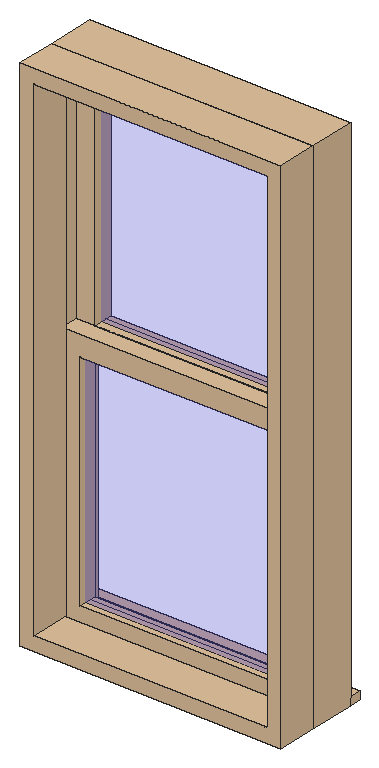
Revit family "PKNail Double Hung", category Windows, host Wall, Revit 2017
Family settings
  Host = Wall
  OmniClass Number = 23.30.20.17.17.14
  OmniClass Title = Double-Hung Windows
  Always vertical = Yes
  Cut with Voids When Loaded = No
  Shared = No
  Room Calculation Point = No
Parameters (values of type "600 x 1200mm")
  Visual Light Transmittance = 0.9
  Solar Heat Gain Coefficient = 0.78
  PKNail Family Lateral Orientation = "None"
  PKNail Family Facing Orientation = "Facing"
  PKNail Family = "Double Hung"
  Construction Type Id = "GSP4R"
  Heat Transfer Coefficient (U) = 3.6886 W/(m²·K)
  Glass Pane Material = Glass
  Height = 1200.00 mm
  Sash Material = Sash
  Default Sill Height = 915.00 mm
  Wall Closure = By host
  Width = 600.00 mm
  Window Inset = 19.00 mm
  Analytic Construction = "1/8 in Pilkington single glazing"
Reference planes
  plane 1: y = 0
  plane 2: z = 0
  plane 3 "Center": x = 0
  plane 4 "Left": x = -300
  plane 5 "Right": x = 300
  plane 6 "Sill": z = 915
  plane 7 "Top": z = 2115
  plane 8: y = 100
  plane 9: y = -100
  plane 10: y = 81
  plane 11: z = 1515
  plane 12: x = -268.25
  plane 13: x = 273.05
  plane 14: x = 268.25
  plane 15: z = 946.75
  plane 16 "Closure": y = 7.975
Forms (mm)
  Extrusion 1, solid, material "Sash" <- "Sash Material"
    sketch origin (0, 0, 0) x (1, 0, 0) y (0, 0, 1)
      loop
        line (-300, 2115) -> (-300, 915) -> (300, 915) -> (300, 2115) -> (-300, 2115)
      loop
        line (-280.95, 2095.95) -> (-280.95, 934.05) -> (280.95, 934.05) -> (280.95, 2095.95) -> (-280.95, 2095.95)
    from -100 to 7.9
  Extrusion 2, solid
    sketch origin (0, 0, 0) x (-1, 0, 0) y (0, 0, 1)
      loop
        line (-300, 2115) -> (-300, 915) -> (300, 915) -> (300, 2115) -> (-300, 2115)
      loop
        line (-268.25, 2083.25) -> (-268.25, 946.75) -> (268.25, 946.75) -> (268.25, 2083.25) -> (-268.25, 2083.25)
    from -7.9 to -100
  Extrusion 3, solid, material "Sash" <- "Sash Material"
    sketch origin (0, 0, 0) x (-1, 0, 0) y (0, 0, 1)
      loop
        line (-280.95, 2095.95) -> (-280.95, 1492.775) -> (280.95, 1492.775) -> (280.95, 2095.95) -> (-280.95, 2095.95)
      loop
        line (-236.5, 2051.5) -> (-236.5, 1537.225) -> (236.5, 1537.225) -> (236.5, 2051.5) -> (-236.5, 2051.5)
    from 36.55 to 81
  Extrusion 4, solid, material "Glass" <- "Glass Pane Material"
    sketch origin (-124.971, 0, -117.036) x (1, 0, 0) y (0, 0, 1)
      loop
        line (-111.529, 2168.536) -> (-111.529, 1654.261) -> (361.471, 1654.261) -> (361.471, 2168.536) -> (-111.529, 2168.536)
    from -65.125 to -52.425
  Extrusion 5, solid, material "Sash" <- "Sash Material"
    sketch origin (0, 0, 0) x (-1, 0, 0) y (0, 0, 1)
      loop
        line (-300, 934.05) -> (-300, 915) -> (300, 915) -> (300, 934.05) -> (-300, 934.05)
    from 100 to 125.4
  Extrusion 6, solid, material "Sash" <- "Sash Material"
    sketch origin (0, 0, 0) x (-1, 0, 0) y (0, 0, 1)
      loop
        line (-280.95, 1537.225) -> (-280.95, 934.05) -> (280.95, 934.05) -> (280.95, 1537.225) -> (-280.95, 1537.225)
      loop
        line (-236.5, 1492.775) -> (-236.5, 978.5) -> (236.5, 978.5) -> (236.5, 1492.775) -> (-236.5, 1492.775)
    from -7.9 to 36.55
  Extrusion 7, solid, material "Glass" <- "Glass Pane Material"
    sketch origin (0, 0, 0) x (-1, 0, 0) y (0, 0, 1)
      loop
        line (-236.5, 978.5) -> (236.5, 978.5) -> (236.5, 1492.775) -> (-236.5, 1492.775) -> (-236.5, 978.5)
    from 7.975 to 20.675
Lines and regions (mm)
  Opening 1
    outline origin (-1524, -100, 0) x (1, 0, 0) y (0, 0, 1)
      loop
        line (1224, 2115) -> (1224, 915) -> (1824, 915) -> (1824, 2115) -> (1224, 2115)
  symbolic lines, style "WindowsFrameMullionProjection"
    curve 1: line (-300, 100, 0) -> (-280.95, 100, 0)
    curve 2: line (-280.95, -7.9, 0) -> (-280.95, 100, 0)
    curve 3: line (-280.95, -7.9, 0) -> (-268.25, -7.9, 0)
    curve 4: line (-268.25, -100, 0) -> (-268.25, -7.9, 0)
    curve 5: line (300, 100, 0) -> (280.95, 100, 0)
    curve 6: line (268.25, -7.9, 0) -> (268.25, -100, 0)
    curve 7: line (268.25, -7.9, 0) -> (280.95, -7.9, 0)
    curve 8: line (280.95, -7.9, 0) -> (280.95, 100, 0)
    curve 9: line (-280.95, 36.55, 0) -> (-236.5, 36.55, 0)
    curve 10: line (-280.95, 36.55, 0) -> (-280.95, -7.9, 0)
    curve 11: line (-280.95, -7.9, 0) -> (-236.5, -7.9, 0)
    curve 12: line (-236.5, 36.55, 0) -> (-236.5, -7.9, 0)
    curve 13: line (280.95, 36.55, 0) -> (236.5, 36.55, 0)
    curve 14: line (280.95, 36.55, 0) -> (280.95, -7.9, 0)
    curve 15: line (280.95, -7.9, 0) -> (236.5, -7.9, 0)
    curve 16: line (236.5, 36.55, 0) -> (236.5, -7.9, 0)
    curve 18: line (-268.25, -100, 0) -> (-300, -100, 0)
    curve 19: line (268.25, -100, 0) -> (300, -100, 0)
  symbolic lines, style "WindowsGlassProjection"
    curve 17: line (-236.5, 14.325, 0) -> (236.5, 14.325, 0)
Text (mm)
  text "EXTERIOR" at (-1437.207, 1172.171, 0), in view "Floor Line"
  text "INTERIOR" at (-1490.695, -972.33, 0), in view "Floor Line"
  text "Exterior" at (0, 1108.87, 2360.591), in view "Left"
  text "Exterior" at (0, 464.664, 2711.443), in view "Right"
Dimensions and locks
  equal spacing: plane 4 "Left", plane 3 "Center", plane 5 "Right"
  "Width": plane 4 "Left" to plane 5 "Right"
  "Window Inset": plane 8 to plane 10
  locked: plane 10 to Extrusion 3 at 44.45
  locked: plane 10 to Extrusion 4 at 15.875
  locked: Extrusion 4 to Extrusion 4 at 12.7
  locked: Extrusion 5 sketch curve to Extrusion 1 at 19.05
  equal spacing: plane 6 "Sill", plane 11, plane 7 "Top"
  Extrusion 3 sketch curve to plane 11 to Extrusion 3 sketch curve = 22.225 mm locked, 22.225 mm locked
  locked: Extrusion 6 to Extrusion 3 at 88.9
  locked: Extrusion 6 to Extrusion 6 at 44.45
  locked: Extrusion 7 to Extrusion 6 at 15.875
  locked: Extrusion 7 to Extrusion 7 at 12.7
  locked: plane 4 "Left" to plane 12 at 31.75
  locked: plane 14 to plane 5 "Right" at 31.75
  locked: plane 15 to plane 6 "Sill" at 31.75
  "Height": plane 7 "Top" to plane 6 "Sill"
  "Default Sill Height": plane 6 "Sill" to plane 2
  locked: plane 8 to plane 16 "Closure" at 92.025
  locked: Extrusion 5 to plane 8 at 25.4
  aligned and locked: plane 7 "Top" to Opening 1 sketch curve
  aligned and locked: plane 6 "Sill" to Opening 1 sketch curve  (x2)
  aligned and locked: plane 5 "Right" to Opening 1 sketch curve
  aligned and locked: plane 4 "Left" to Opening 1 sketch curve
  aligned and locked: plane 9 to host wall
  aligned and locked: host wall to Extrusion 2
  aligned and locked: plane 10 to Extrusion 3
  aligned and locked: plane 8 to host wall
  aligned and locked: host wall to Extrusion 1
  aligned and locked: Extrusion 4 sketch curve to Extrusion 3  (x4)
  aligned and locked: curve 5 to Extrusion 1  (x2)
  aligned and locked: curve 6 to Extrusion 2
  aligned and locked: curve 4 to Extrusion 2
  aligned and locked: Extrusion 3 to curve 16
  aligned and locked: Extrusion 1 to curve 11
  aligned and locked: Extrusion 1 to curve 7
  aligned and locked: Extrusion 5 to host wall
  aligned and locked: Extrusion 1 to Extrusion 6 sketch curve
  aligned and locked: Extrusion 6 sketch curve to Extrusion 3
  aligned and locked: Extrusion 2 to Extrusion 6
  aligned and locked: Extrusion 1 to Extrusion 2
  aligned and locked: Extrusion 7 sketch curve to Extrusion 6  (x2)
  aligned and locked: Extrusion 3 to Extrusion 7 sketch curve
  aligned and locked: curve 9 to Extrusion 7 sketch curve
  aligned and locked: Extrusion 6 sketch curve to curve 1
Automatic sketch dimensions
  Extrusion 1 sketch curve to plane 4 "Left" = 0.00 mm
  Extrusion 1 sketch curve to plane 5 "Right" = 0.00 mm
  Extrusion 1 sketch curve to plane 4 "Left" = 19.05 mm
  plane 5 "Right" to Extrusion 1 sketch curve = 19.05 mm
  Extrusion 1 sketch curve to plane 6 "Sill" = 0.00 mm
  Extrusion 1 sketch curve to plane 7 "Top" = 0.00 mm
  Extrusion 1 sketch curve to plane 6 "Sill" = 19.05 mm
  plane 7 "Top" to Extrusion 1 sketch curve = 19.05 mm
  Extrusion 2 sketch curve to plane 5 "Right" = 0.00 mm
  Extrusion 2 sketch curve to plane 4 "Left" = 0.00 mm
  plane 5 "Right" to Extrusion 2 sketch curve = 31.75 mm
  Extrusion 2 sketch curve to plane 4 "Left" = 31.75 mm
  Extrusion 2 sketch curve to plane 6 "Sill" = 0.00 mm
  Extrusion 2 sketch curve to plane 7 "Top" = 0.00 mm
  Extrusion 2 sketch curve to plane 6 "Sill" = 31.75 mm
  plane 7 "Top" to Extrusion 2 sketch curve = 31.75 mm
  plane 5 "Right" to Extrusion 3 sketch curve = 19.05 mm
  Extrusion 3 sketch curve to Extrusion 3 sketch curve = 44.45 mm
  Extrusion 3 sketch curve to plane 4 "Left" = 63.50 mm
  Extrusion 3 sketch curve to plane 4 "Left" = 19.05 mm
  plane 7 "Top" to Extrusion 3 sketch curve = 63.50 mm
  plane 7 "Top" to Extrusion 3 sketch curve = 19.05 mm
  curve 18 to plane 4 "Left" = 0.00 mm
  curve 1 to plane 4 "Left" = 0.00 mm
  curve 2 to plane 8 = 0.00 mm
  curve 19 to plane 5 "Right" = 0.00 mm
  curve 2 to plane 4 "Left" = 19.05 mm
  curve 9 to curve 12 = 44.45 mm
  plane 5 "Right" to curve 13 = 19.05 mm
  curve 19 to plane 9 = 0.00 mm
  curve 4 to plane 9 = 0.00 mm
  curve 12 to curve 17 = 22.225 mm
  curve 17 to curve 13 = 22.225 mm
  curve 17 to curve 9 = 22.225 mm
  Extrusion 5 sketch curve to plane 5 "Right" = 0.00 mm
  Extrusion 5 sketch curve to plane 4 "Left" = 0.00 mm
  Extrusion 5 sketch curve to Extrusion 5 sketch curve = 19.05 mm
  Extrusion 6 sketch curve to Extrusion 6 sketch curve = 44.45 mm  (x2)
  Extrusion 6 sketch curve to plane 4 "Left" = 63.50 mm
  Extrusion 6 sketch curve to plane 6 "Sill" = 63.50 mm
  Extrusion 6 sketch curve to plane 6 "Sill" = 19.05 mm
